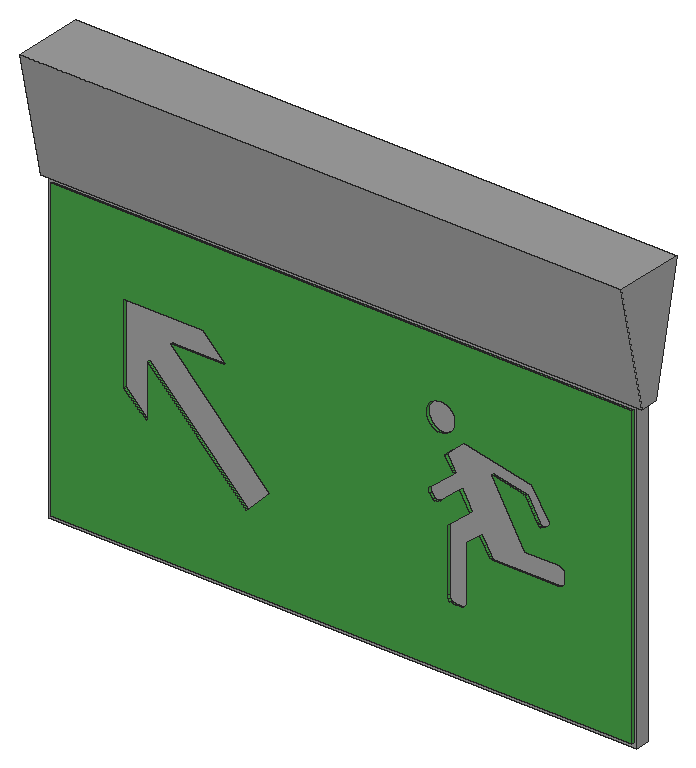
Revit family "ExiLED M ST LED (skrått 45 grader opp mot venstre_takmontasje)", category Lighting Fixtures, Revit 2013
Parameters (values of type "44m")
  Width Top = 53 mm
  Width = 10 mm
  Wattage Comments = "17 W"
  Wattage = 9.2903 W
  built-in parameter 1150110 = 1 (stored number, unit not read)
  Voltage = 230 V
  URL = ""
  built-in parameter 1114217 = 1 (stored number, unit not read)
  Tilt Angle = 90.00°
  built-in parameter 1150109 = 1 (stored number, unit not read)
  built-in parameter 1150134 = 3
  Symbol Positive Direction [instance] = yes
  Symbol Offset Side [instance] = 0 mm
  Symbol Offset Out [instance] = 0 mm
  built-in parameter 1150113 = 1 (stored number, unit not read)
  Reference Line Out [instance] = 31.983 mm
  Photometric Web File = "20x42A12.ies"
  Number of Poles = 1
  built-in parameter 1150105 = 109.82 (stored number, unit not read)
  Lumens = 1380 lm
  built-in parameter 1150115 = 1 (stored number, unit not read)
  Load Classification [instance] = Other
  Model = ""
  Manufacturer = ""
  built-in parameter 1150137 = (empty or 0)
  built-in parameter 1150139 = (empty or 0)
  Length = 455 mm
  built-in parameter 1150112 = 1 (stored number, unit not read)
  built-in parameter 1150114 = 1 (stored number, unit not read)
  Lamp = "1"
  built-in parameter 1150132 = (empty or 0)
  built-in parameter 1150102 = (empty or 0)
  built-in parameter 1150107 = 3200 (stored number, unit not read)
  built-in parameter 1150138 = (empty or 0)
  built-in parameter 1150106 = 1.0982 (stored number, unit not read)
  Height 1 = 232 mm
  Height = 322 mm
  built-in parameter 1150127 = Width  # 10 mm
  Emit from Rectangle Length = Length  # 455 mm
  Emit Shape Visible in Rendering = no
  built-in parameter 1150104 = 13.8 (stored number, unit not read)
  Dimming Lamp Color Temperature Shift = <None>
  Description = ""
  Color Filter = 16777215
  Body Material and Colour = Default
  built-in parameter 1114218 = 1 (stored number, unit not read)
  Emit from Rectangle Width = 3048 mm
  Assembly Code = ""
  Apparent Load = 17 VA
  44m = yes
  34m = no
  22m = no
Types (3, lengths in mm): name | Length | Height 1 | Height | Emit from Rectangle Length | 44m | 34m | 22m
  22m | 265 | 132 | 222 | 265 | no | no | yes
  34 m | 365 | 182 | 272 | 365 | no | yes | no
  44m | 455 | 232 | 322 | 455 | yes | no | no
Reference planes
  plane 1 "Light Source Axis (F/B)": y = 119.961
  plane 2 "Top": z = 83
  plane 3 "Light Source Axis (L/R)": x = 0
  plane 4 "Level": z = 0
  plane 5 "Bottom": z = -322
  plane 6: x = -227.5
  plane 7: x = 227.5
  plane 8: y = 124.961
  plane 9: y = 114.961
  plane 10: y = 126.961
  plane 11: y = 112.961
  plane 12: z = -90
  plane 13: y = 146.461
  plane 14: y = 93.461
  plane 15: x = -222.5
  plane 16: x = 222.5
  plane 17: z = -206
Forms (mm)
  Extrusion 1, solid, material "Default" <- "Body Material and Colour"
    sketch origin (0, 0, 0) x (0, 1, 0) y (0, 0, 1)
      loop
        line (124.961, -90) -> (114.961, -90) -> (114.961, -322) -> (124.961, -322) -> (124.961, -90)
    from -222.5 to 222.5
  Extrusion 2, solid, material "Default" <- "Body Material and Colour"
    sketch origin (0, 0, 0) x (0, 1, 0) y (0, 0, 1)
      loop
        line (93.461, 0) -> (112.961, -90) -> (126.961, -90) -> (146.461, 0) -> (93.461, 0)
    from -227.5 to 227.5
Lines and regions (mm)
  model lines, style "InvisibleLines"
    curve 1: line (0, 119.961, 0) -> (0, 151.943, 0)
Dimensions and locks
  "Height": plane 4 "Level" to plane 5 "Bottom"
  equal spacing: plane 6, plane 3 "Light Source Axis (L/R)", plane 7
  "Length": plane 6 to plane 7
  equal spacing: plane 8, plane 1 "Light Source Axis (F/B)", plane 9
  "Width": plane 8 to plane 9
  locked: plane 10 to plane 8 at 2
  locked: plane 9 to plane 11 at 2
  equal spacing: plane 13, plane 1 "Light Source Axis (F/B)", plane 14
  "Width Top": plane 13 to plane 14
  locked: plane 15 to plane 6 at 5
  locked: plane 7 to plane 16 at 5
  "Height 1": plane 12 to plane 5 "Bottom"
  equal spacing: plane 12, plane 17, plane 5 "Bottom"
  "Reference Line Out": plane 1 "Light Source Axis (F/B)" to curve 1
  aligned and locked: plane 4 "Level" to level
  aligned and locked: imposter light to plane 5 "Bottom"
  aligned and locked: plane 9 to Extrusion 1 sketch curve
  aligned and locked: plane 8 to Extrusion 1 sketch curve
  aligned and locked: Extrusion 1 sketch curve to plane 12
  aligned and locked: plane 4 "Level" to Extrusion 2 sketch curve
  aligned and locked: plane 12 to Extrusion 2 sketch curve
  aligned and locked: plane 13 to Extrusion 2 sketch curve
  aligned and locked: plane 14 to Extrusion 2 sketch curve
  aligned and locked: plane 11 to Extrusion 2 sketch curve
  aligned and locked: plane 10 to Extrusion 2 sketch curve
  aligned and locked: Extrusion 2 to plane 6
  aligned and locked: plane 7 to Extrusion 2
  aligned and locked: Extrusion 1 to plane 15
  aligned and locked: Extrusion 1 to plane 16
  aligned and locked: Extrusion 1 to plane 8
  aligned and locked: plane 9 to nested 1
  aligned and locked: plane 17 to nested 1
  aligned and locked: plane 3 "Light Source Axis (L/R)" to nested 1
  aligned and locked: plane 9 to nested 3
  aligned and locked: plane 17 to nested 3
  aligned and locked: nested 3 to plane 3 "Light Source Axis (L/R)"
  aligned and locked: plane 3 "Light Source Axis (L/R)" to nested 4
  aligned and locked: plane 9 to nested 4
  aligned and locked: plane 17 to nested 4
  aligned and locked: plane 8 to nested 5
  aligned and locked: plane 8 to nested 6
  aligned and locked: nested 5 to plane 17
  aligned and locked: nested 6 to plane 17
  aligned and locked: plane 3 "Light Source Axis (L/R)" to nested 7
  aligned and locked: plane 1 "Light Source Axis (F/B)" to nested 7
  aligned and locked: plane 1 "Light Source Axis (F/B)" to curve 1
  aligned and locked: plane 3 "Light Source Axis (L/R)" to curve 1
Automatic sketch dimensions
  Extrusion 1 sketch curve to plane 5 "Bottom" = 0 mm
Nested families
  nested 1: "22m_skrått 45 grader opp mot venstre" at (0, 114.961, -206), visible <- "22m", type "22m"
  nested 2: "22m_skrått 45 grader opp mot venstre" at (0, 124.961, -156), visible <- "22m", type "22m"
  nested 3: "34m_skrått 45 grader opp mot venstre" at (0, 114.961, -206), visible <- "34m", type "34m"
  nested 4: "44m_skrått 45 grader opp mot venstre" at (0, 114.961, -206), visible <- "44m", type "44m"
  nested 5: "44m_skrått 45 grader opp mot venstre" at (0, 124.961, -206), visible <- "44m", type "44m"
  nested 6: "34m_skrått 45 grader opp mot venstre" at (0, 124.961, -206), visible <- "34m", type "34m"
  nested 7: "MarkeringslysTakS" at (0, 119.961, 0), type "Type 1"
Connectors
  electrical at (0, 119.961, 0), driven by "Number of Poles", driven by "Load Classification", driven by "Voltage", driven by "Apparent Load"
    settings: on Extrusion 2, index 1, voltage 230 V, apparent load 0 VA, apparent load phase1 17 VA, apparent load phase2 0 VA, apparent load phase3 0 VA, power factor 1, load classification "Other", number of poles 1, system type 31, power factor state 1, is connector primary yes, connector utility no, sub classification motor no, connector description ""
Definition of nested family "22m_skrått 45 grader opp mot venstre"
  Parameters (values of type "22m")
    Material = yes
  Reference planes
    plane 1 "Center (Front/Back)": y = 0
    plane 2: z = 0
    plane 3 "Center (Left/Right)": x = 0
    plane 4: y = -2
  Forms (mm)
    Extrusion 1, solid, material "Green", visible <- "Material"
      sketch origin (0, 0, 0) x (1, 0, 0) y (0, 0, 1)
        loop
          line (-124.5, 63) -> (-124.5, -63) -> (124.5, -63) -> (124.5, 63) -> (-124.5, 63)
        loop
          line (-95.32, -5.171) -> (-83.969, -16.523) -> (-83.969, 9.964) -> (-36.672, -37.333) -> (-25.32, -25.982) -> (-72.618, 21.315) -> (-46.131, 21.315) -> (-57.483, 32.667) -> (-95.32, 32.667) -> (-95.32, -5.171)
        loop
          circle (37.537, 37.911) r 7
        loop
          line (43.27, 25.598) -> (39.62, 21.947) -> (43.713, 14.858) -> (32.09, 5.106)
          arc (32.09, 5.106) -> (31.405, 3.789) -> (31.851, 2.374) r 1.939
          line (31.851, 2.374) -> (33.513, 0.393)
          arc (33.513, 0.393) -> (34.83, -0.292) -> (36.245, 0.154) r 1.939
          line (36.245, 0.154) -> (46.994, 9.174) -> (51.917, 0.649) -> (40.626, -8.825) -> (40.626, -39.679)
          arc (40.626, -39.679) -> (41.573, -41.964) -> (43.858, -42.911) r 3.232
          line (43.858, -42.911) -> (47.089, -42.911)
          arc (47.089, -42.911) -> (49.374, -41.964) -> (50.321, -39.679) r 3.232
          line (50.321, -39.679) -> (50.321, -13.346) -> (56.839, -7.877) -> (62.002, -16.82) -> (95.564, -16.82)
          arc (95.564, -16.82) -> (97.849, -15.873) -> (98.796, -13.588) r 3.232
          line (98.796, -13.588) -> (98.796, -10.356)
          arc (98.796, -10.356) -> (97.849, -8.071) -> (95.564, -7.125) r 3.232
          line (95.564, -7.125) -> (78.794, -7.125) -> (62.518, 21.066) -> (79.335, 17.791) -> (85.393, 7.3)
          arc (85.393, 7.3) -> (86.619, 6.384) -> (88.128, 6.643) r 1.939
          line (88.128, 6.643) -> (90.367, 8.097)
          arc (90.367, 8.097) -> (91.208, 9.32) -> (90.937, 10.78) r 1.939
          line (90.937, 10.78) -> (82.509, 23.758) -> (48.881, 30.306) -> (43.27, 25.598)
      from 0 to 2
  Dimensions and locks
    aligned and locked: level to plane 2
    aligned and locked: plane 4 to Extrusion 1
    aligned and locked: Extrusion 1 to plane 1 "Center (Front/Back)"
    aligned and locked: Extrusion 1 to plane 4
Definition of nested family "34m_skrått 45 grader opp mot venstre"
  Parameters (values of type "34m")
    Material = yes
  Reference planes
    plane 1 "Center (Front/Back)": y = 0
    plane 2: z = 0
    plane 3 "Center (Left/Right)": x = 0
    plane 4: y = -2
  Forms (mm)
    Extrusion 1, solid, material "Green", visible <- "Material"
      sketch origin (0, 0, 0) x (1, 0, 0) y (0, 0, 1)
        loop
          line (-177, 88) -> (-177, -88) -> (177, -88) -> (177, 88) -> (-177, 88)
        loop
          line (-124.003, -3.295) -> (-110.503, -16.795) -> (-110.503, 14.705) -> (-54.253, -41.545) -> (-40.753, -28.045) -> (-97.003, 28.205) -> (-65.503, 28.205) -> (-79.003, 41.705) -> (-124.003, 41.705) -> (-124.003, -3.295)
        loop
          circle (59.197, 48.678) r 8.988
        loop
          line (66.559, 32.868) -> (61.872, 28.181) -> (67.127, 19.078) -> (52.204, 6.556)
          arc (52.204, 6.556) -> (51.324, 4.865) -> (51.897, 3.048) r 2.49
          line (51.897, 3.048) -> (54.031, 0.505)
          arc (54.031, 0.505) -> (55.721, -0.375) -> (57.538, 0.198) r 2.49
          line (57.538, 0.198) -> (71.341, 11.78) -> (77.661, 0.833) -> (63.164, -11.332) -> (63.164, -50.949)
          arc (63.164, -50.949) -> (64.379, -53.883) -> (67.313, -55.098) r 4.149
          line (67.313, -55.098) -> (71.463, -55.098)
          arc (71.463, -55.098) -> (74.397, -53.883) -> (75.612, -50.949) r 4.149
          line (75.612, -50.949) -> (75.612, -17.137) -> (83.981, -10.114) -> (90.611, -21.597) -> (133.705, -21.597)
          arc (133.705, -21.597) -> (136.639, -20.381) -> (137.855, -17.447) r 4.149
          line (137.855, -17.447) -> (137.855, -13.298)
          arc (137.855, -13.298) -> (136.639, -10.364) -> (133.705, -9.148) r 4.149
          line (133.705, -9.148) -> (112.172, -9.148) -> (91.274, 27.049) -> (112.867, 22.844) -> (120.645, 9.373)
          arc (120.645, 9.373) -> (122.22, 8.197) -> (124.157, 8.53) r 2.49
          line (124.157, 8.53) -> (127.032, 10.397)
          arc (127.032, 10.397) -> (128.111, 11.967) -> (127.764, 13.841) r 2.49
          line (127.764, 13.841) -> (116.942, 30.506) -> (73.764, 38.913) -> (66.559, 32.868)
      from 0 to 2
  Dimensions and locks
    aligned and locked: level to plane 2
    aligned and locked: plane 4 to Extrusion 1
    aligned and locked: Extrusion 1 to plane 1 "Center (Front/Back)"
    aligned and locked: Extrusion 1 to plane 4
Definition of nested family "44m_skrått 45 grader opp mot venstre"
  Parameters (values of type "44m")
    Material = yes
  Reference planes
    plane 1 "Center (Front/Back)": y = 0
    plane 2: z = 0
    plane 3 "Center (Left/Right)": x = 0
    plane 4: y = -2
  Forms (mm)
    Extrusion 1, solid, material "Green", visible <- "Material"
      sketch origin (0, 0, 0) x (1, 0, 0) y (0, 0, 1)
        loop
          line (-220, 113) -> (-220, -113) -> (220, -113) -> (220, 113) -> (-220, 113)
        loop
          line (-164.557, -6.217) -> (-146.557, -24.217) -> (-146.557, 17.783) -> (-71.557, -57.217) -> (-53.557, -39.217) -> (-128.557, 35.783) -> (-86.557, 35.783) -> (-104.557, 53.783) -> (-164.557, 53.783) -> (-164.557, -6.217)
        loop
          circle (75.849, 58.115) r 10.73
        loop
          line (84.638, 39.24) -> (79.042, 33.644) -> (85.317, 22.776) -> (67.5, 7.827)
          arc (67.5, 7.827) -> (66.45, 5.809) -> (67.134, 3.639) r 2.972
          line (67.134, 3.639) -> (69.681, 0.603)
          arc (69.681, 0.603) -> (71.699, -0.447) -> (73.869, 0.237) r 2.972
          line (73.869, 0.237) -> (90.347, 14.064) -> (97.892, 0.994) -> (80.585, -13.528) -> (80.585, -60.825)
          arc (80.585, -60.825) -> (82.036, -64.328) -> (85.539, -65.779) r 4.954
          line (85.539, -65.779) -> (90.492, -65.779)
          arc (90.492, -65.779) -> (93.995, -64.328) -> (95.446, -60.825) r 4.954
          line (95.446, -60.825) -> (95.446, -20.459) -> (105.438, -12.075) -> (113.353, -25.783) -> (164.801, -25.783)
          arc (164.801, -25.783) -> (168.304, -24.332) -> (169.755, -20.829) r 4.954
          line (169.755, -20.829) -> (169.755, -15.876)
          arc (169.755, -15.876) -> (168.304, -12.373) -> (164.801, -10.922) r 4.954
          line (164.801, -10.922) -> (139.094, -10.922) -> (114.144, 32.293) -> (139.923, 27.273) -> (149.208, 11.19)
          arc (149.208, 11.19) -> (151.089, 9.786) -> (153.401, 10.183) r 2.972
          line (153.401, 10.183) -> (156.834, 12.413)
          arc (156.834, 12.413) -> (158.123, 14.287) -> (157.708, 16.524) r 2.972
          line (157.708, 16.524) -> (144.788, 36.42) -> (93.24, 46.457) -> (84.638, 39.24)
      from 0 to 2
  Dimensions and locks
    aligned and locked: level to plane 2
    aligned and locked: plane 4 to Extrusion 1
    aligned and locked: Extrusion 1 to plane 1 "Center (Front/Back)"
    aligned and locked: Extrusion 1 to plane 4
Definition of nested family "MarkeringslysTakS"
  Parameters (values of type "Type 1")
    CQ Symbol Positive Direction = yes
    CQ Symbol Negative Direction = not(CQ Symbol Positive Direction)  # no
    CQ Symbol Offset Side = 0 mm
    CQ Symbol Offset Out = 0 mm
  Reference planes
    plane 1: y = 0
    plane 2: x = 0
  Dimensions and locks
    "CQ Symbol Offset Out": plane 1 to nested 1
    "CQ Symbol Offset Out": plane 1 to nested 2
    "CQ Symbol Offset Side": plane 2 to nested 2
    "CQ Symbol Offset Side": nested 1 to plane 2
  Nested families
    nested 1: "LedelysSub" at (0, 0, 0), visible <- "CQ Symbol Negative Direction", type "Type 1"
    nested 2: "LedelysSub" at (0, 0, 0), visible <- "CQ Symbol Positive Direction", type "Type 1"
  Definition of nested family "LedelysSub"
    Reference planes
      plane 1: y = 0
      plane 2: x = 0
    Lines and regions (mm)
      Filled region 1, type "Filled region 1"
        outline origin (64.576, 51.459, 0) x (1, 0, 0) y (0, 1, 0)
          loop
            arc (-65.575, -52.307) -> (-65.224, -51.459) -> (-65.575, -50.61) r 1.2
            line (-65.575, -50.61) -> (-66.424, -51.459) -> (-65.575, -52.307)
      Filled region 2, type "Filled region 1"
        outline origin (-68.271, 51.459, 0) x (0, 1, 0) y (-1, 0, 0)
          loop
            line (-52.307, -65.575) -> (-51.459, -66.424) -> (-50.61, -65.575)
            arc (-50.61, -65.575) -> (-51.459, -65.224) -> (-52.307, -65.575) r 1.2
      detail lines
        curve 1: line (-4, -2, 0) -> (4, -2, 0)
        curve 2: line (4, -2, 0) -> (4, 2, 0)
        curve 3: line (4, 2, 0) -> (-4, 2, 0)
        curve 4: line (-4, 2, 0) -> (-4, -2, 0)
        curve 5: line (-3.097, -1.25, 0) -> (-0.597, 1.25, 0)
        curve 6: line (-3.097, 1.25, 0) -> (-0.597, -1.25, 0)
        curve 7: circle (-1.847, 0, 0) r 1.2 normal (0, 0, 1)
    Text (mm)
      text "ML" at (2.179, 1.025, 0)
    Dimensions and locks
      aligned and locked: Filled region 1 sketch curve to curve 7
